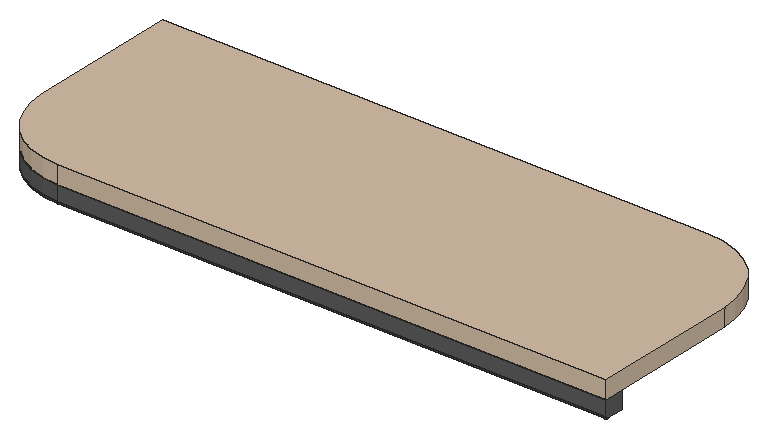
Revit family "Haworth_BuzziBracks_Shelf_Side_BUILD", category Furniture, Revit 2018
Family settings
  OmniClass Number = 23.40.20.00
  OmniClass Title = General Furniture and Specialties
  Work Plane-Based = No
  Always vertical = Yes
  Cut with Voids When Loaded = No
  Shared = No
  Room Calculation Point = No
Parameters (values of type "BRS - Side Shelf")
  Warranty = "http://www.haworth.com/resources/product-info/warranties"
  URL - Product = "http://www.haworth.com/na/en/products/booths/buzzibracks.html"
  URL = "http://www.haworth.com/our-brands/haworth-collection"
  Top Radius = 4.000"  # constant formula
  Top Finish [instance] = Haworth _ Wood _ Antwerp Oak BAO-ANT
  Thickness = 1.750"  # constant formula
  Revision = "1"  # constant formula
  Note = "Verify Final Dim. w/ Haworth"  # constant formula
  Model = "HCBZ-BRW"  # constant formula
  Manufacturer = "Haworth"  # constant formula
  Frame Finish [instance] = Haworth _ Paint _ Black
  Description = "Haworth - BuzziBracks - Side Shelf"  # constant formula
  Author = "Haworth (Alias)"  # constant formula
  Assembly Code = "E2020200"
  Actual Width = 31.250"  # constant formula
  Actual Height = 29.750"  # constant formula
  Actual Depth = 11.500"  # constant formula
Reference planes (in)
  plane 1: z = 0
  plane 2 "Center Left/Right": x = 0
  plane 3 "Left": x = -15.625
  plane 4 "Right": x = 15.625
  plane 5 "Back": y = 2.91248
  plane 6 "Front": y = -8.58752
  plane 7 "Center FB": y = -2.83752
  plane 8 "Top": z = 29.75
  plane 9: z = 28
  plane 10: z = 28.885
  plane 11 "Frame Outside Right": x = 18.775
  plane 12 "Frame Outside Back": y = 6.06248
Forms (in)
  Extrusion 1, solid, material "Haworth _ Wood _ Antwerp Oak BAO-ANT" <- "Top Finish"
    sketch origin (0, 0, 29.75) x (-1, 0, 0) y (0, -1, 0)
      loop
        line (15.625, -2.91248) -> (15.625, 4.58752)
        arc (15.625, 4.58752) -> (14.45343, 7.41594) -> (11.625, 8.58752) r 4
        line (11.625, 8.58752) -> (-15.625, 8.58752) -> (-15.625, 1.21752)
        arc (-15.625, 1.21752) -> (-14.41535, -1.70284) -> (-11.495, -2.91248) r 4.13
        line (-11.495, -2.91248) -> (15.625, -2.91248)
    from -0.865 to 0
  Sweep 2, solid, material "Haworth _ Paint _ Black" <- "Frame Finish"
    path origin (0, 0, 29.75) x (-1, 0, 0) y (0, -1, 0)
      loop
        line (-15.625, 8.58752) -> (11.625, 8.58752)
        arc (11.625, 8.58752) -> (14.45343, 7.41594) -> (15.625, 4.58752) r 4
        line (15.625, 4.58752) -> (15.625, -2.91248)
    profile origin (2, -8.58752, 29.75) x (0, -1, 0) y (0, 0, 1)
      loop
        line (-0.98425, -1.75) -> (-0.1, -1.75)
        arc (-0.1, -1.75) -> (-0.02929, -1.72071) -> (0, -1.65) r 0.1
        line (0, -1.65) -> (0, -0.865) -> (-0.98425, -0.865) -> (-0.98425, -1.75)
Lines and regions (in)
  Masking region 1
    outline origin (0, 0, 8.6974) x (0, -1, 0) y (1, 0, 0)
      loop
        line (-2.91248, -15.625) -> (4.58752, -15.625)
        arc (4.58752, -15.625) -> (7.41594, -14.45343) -> (8.58752, -11.625) r 4
        line (8.58752, -11.625) -> (8.58752, 15.625) -> (1.21752, 15.625)
        arc (1.21752, 15.625) -> (-1.70284, 14.41535) -> (-2.91248, 11.495) r 4.13
        line (-2.91248, 11.495) -> (-2.91248, -15.625)
Dimensions and locks (in)
  equal spacing: plane 3 "Left", plane 2 "Center Left/Right", plane 4 "Right"
  "Actual Width": plane 3 "Left" to plane 4 "Right"
  "Actual Depth": plane 6 "Front" to plane 5 "Back"
  equal spacing: plane 5 "Back", plane 7 "Center FB", plane 6 "Front"
  "Actual Height": plane 8 "Top" to plane 1
  "Thickness": plane 8 "Top" to plane 9
  locked: plane 8 "Top" to plane 10 at 0.865
  locked: profile plane to Sweep 2 sketch curve at 0.98425
  locked: plane 12 "Frame Outside Back" to plane 5 "Back" at 3.15
  locked: plane 4 "Right" to plane 11 "Frame Outside Right" at 3.15
  "Top Radius": radius of Masking region 1 sketch curve
  "Top Radius": radius of Sweep 2 sketch curve
  aligned and locked: Masking region 1 sketch curve to plane 5 "Back"
  aligned and locked: plane 3 "Left" to Masking region 1 sketch curve
  aligned and locked: plane 4 "Right" to Masking region 1 sketch curve
  aligned and locked: Masking region 1 sketch curve to plane 6 "Front"
  aligned and locked: Extrusion 1 sketch curve to plane 6 "Front"
  aligned and locked: plane 4 "Right" to Extrusion 1 sketch curve
  aligned and locked: Extrusion 1 sketch curve to plane 5 "Back"
  aligned and locked: Extrusion 1 sketch curve to plane 3 "Left"
  aligned and locked: plane 10 to Extrusion 1
  aligned and locked: plane 8 "Top" to Extrusion 1
  aligned and locked: Sweep 2 sketch curve to plane 6 "Front"
  aligned and locked: Sweep 2 sketch curve to plane 3 "Left"
  aligned and locked: plane 5 "Back" to Sweep 2 sketch curve
  aligned and locked: plane 4 "Right" to Sweep 2 sketch curve
  aligned and locked: Sweep 2 sketch curve to plane 9
  aligned and locked: Sweep 2 sketch curve to plane 10
  aligned and locked: plane 6 "Front" to Sweep 2 sketch curve
Automatic sketch dimensions
  Extrusion 1 sketch curve to Extrusion 1 sketch curve = 4.130"
  Sweep 2 sketch curve to Sweep 2 sketch curve = 0.100"
  plane 3 "Left" to Extrusion 1 sketch curve = 4.000"
  Masking region 1 sketch curve to plane 7 "Center FB" = 1.620"
